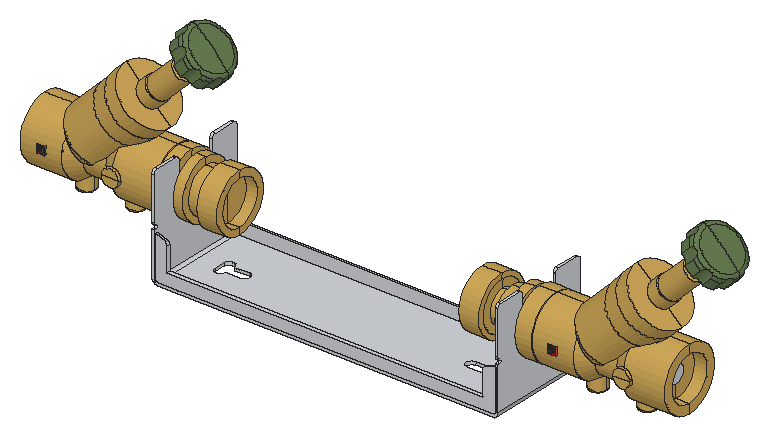
Revit family "Wasserzählergarnitur 4126", category Rohrzubehör, Revit 2021
Family settings
  Bemaßung runder Anschluss = Durchmesser verwenden
  Teiletyp = Unterbricht
  OmniClass-Nummer = 23.65.55.14
  OmniClass-Titel = Valves for Liquid Services
  Arbeitsebenenbasiert = Nein
  Immer vertikal = Ja
  Beim Laden mit Abzugskörper schneiden = Nein
  Gemeinsam genutzt = Nein
Parameters
  Öffnungsdruck des Rückflussverhinderers (Ventil) = "gemäß DIN EN 13959"  # constant formula
  W01 = 20.00°  # constant formula
  Vorgabe-Ansicht = 0.000 mm
  URL = "www.herz-armaturen.at"
  T03 [instance] = R02 - 3.000 mm  # 54.500 mm
  T02 = 17.000 mm  # constant formula
  T01 = 3.000 mm  # constant formula
  Spindel = "geschmiedetes Messing CW 617N"  # constant formula
  SW03 [instance] = size_lookup("4126W_", "SW3", 1.000 mm, Nennweite AG)  # 32.500 mm
  SW02 [instance] = size_lookup("4126W_", "SW2", 1.000 mm, Nennweite AG)  # 32.500 mm
  SW01 [instance] = size_lookup("4126W_", "SW1", 1.000 mm, Nennweite AG)  # 35.000 mm
  SC_NennweiteBerechnet = 0
  SC_Dimension = ""
  SCTWSEQ = "AW;SBT_TYP_AW=\"105\";2"
  SCTWCODE = "02;01;02"  # constant formula
  S05 [instance] = L02 + L12 - L03  # 214.500 mm
  S04 [instance] = L02 + L04 - L03  # 211.500 mm
  S03 = 10.000 mm  # constant formula
  S02 [instance] = Nennweite IG  # 50.000 mm
  S01 [instance] = L01 - L03  # 56.000 mm
  S = 3.000 mm  # constant formula
  R50 = 4.000 mm  # constant formula
  R02 [instance] = size_lookup("4126W_", "R2", 1.000 mm, Nennweite AG)  # 57.500 mm
  R01 [instance] = size_lookup("4126W_", "R1", 1.000 mm, Nennweite AG)  # 24.000 mm
  Nennweite IG [instance] = size_lookup("4126W_", "DN1", 1.000 mm, Nennweite AG)  # 50.000 mm
  Nennweite AG [instance] = 50.000 mm
  Medium = "Trinkwasser"  # constant formula
  Max. Differenzdruck auf geschlossenen Sitz (Ventil) = 1000000.0 Pa  # constant formula
  Max. Betriebstemperatur (Ventil) = 80 °C  # constant formula
  Max. Betriebsdruck (Ventil) = 1600000.0 Pa  # constant formula
  L99 [instance] = size_lookup("4126W_", "L99", 1.000 mm, Nennweite AG)  # 300.000 mm
  L15 = 2.000 mm  # constant formula
  L14 [instance] = size_lookup("4126W_", "L14", 1.000 mm, Nennweite AG)  # 64.000 mm
  L13 [instance] = size_lookup("4126W_", "L13", 1.000 mm, Nennweite AG)  # 54.500 mm
  L12 [instance] = size_lookup("4126W_", "L12", 1.000 mm, Nennweite AG)  # 39.500 mm
  L11 [instance] = size_lookup("4126W_", "L11", 1.000 mm, Nennweite AG)  # 70.000 mm
  L10 [instance] = size_lookup("4126W_", "L10", 1.000 mm, Nennweite AG)  # 15.000 mm
  L09 [instance] = size_lookup("4126W_", "L9", 1.000 mm, Nennweite AG)  # 25.500 mm
  L08 [instance] = size_lookup("4126W_", "L8", 1.000 mm, Nennweite AG)  # 13.400 mm
  L07 [instance] = size_lookup("4126W_", "L7", 1.000 mm, Nennweite AG)  # 22.000 mm
  L06 [instance] = size_lookup("4126W_", "L6", 1.000 mm, Nennweite AG)  # 25.000 mm
  L05 [instance] = size_lookup("4126W_", "L5", 1.000 mm, Nennweite AG)  # 35.500 mm
  L04 [instance] = size_lookup("4126W_", "L4", 1.000 mm, Nennweite AG)  # 36.500 mm
  L03 [instance] = size_lookup("4126W_", "L3", 1.000 mm, Nennweite AG)  # 21.000 mm
  L02 [instance] = (L00 / 2) + 1.000 mm  # 196.000 mm
  L01 [instance] = size_lookup("4126W_", "L1", 1.000 mm, Nennweite AG)  # 77.000 mm
  L00 [instance] = size_lookup("4126W_", "L", 1.000 mm, Nennweite AG)  # 390.000 mm
  Kegel = "geschmiedetes Messing CW 617N"  # constant formula
  Hinweis = "Gemäß Art 33 der REACH-Verordnung (EG Nr. 1907/2006) sind wir verpflichtet, darauf hinzuweisen, dass der Stoff Blei auf der SVHC-Liste geführt wird und dass alle aus Messing bestehenden Bauteile, die in unseren Erzeugnissen verarbeitet sind, mehr als 0,1 % (w/w) Blei (CAS: 7439-92-1 / EINECS: 231-100-4) enthalten.\r\nDa Blei als Legierungsbestandteil fest gebunden ist, sind keine Expositionen zu erwarten und daher sind keine zusätzlichen Angaben zur sicheren Verwendung notwendig."
  Hersteller = "HERZ Armaturen Ges.m.b.H."  # constant formula
  Handrad = "Kunststoff, grün"  # constant formula
  H01 [instance] = 75.000 mm  # constant formula
  H00 [instance] = 115.000 mm  # constant formula
  Gelegentliche Temperaturanstiege (Ventil) = "bis 95°C, nicht länger als eine Stunde"  # constant formula
  Gehäuse = "entzinkungsbeständiges Gussmessing CC770S"  # constant formula
  G2 [instance] = Nennweite IG / 2  # 25.000 mm
  G1 [instance] = Nennweite AG / 2  # 25.000 mm
  DN50 [instance] = Nennweite AG = 50.000 mm  # yes
  DN40 [instance] = Nennweite AG = 40.000 mm  # no
  DN32 [instance] = Nennweite AG = 32.000 mm  # no
  DN25 [instance] = Nennweite AG = 25.000 mm  # no
  DN20 [instance] = Nennweite AG = 20.000 mm  # no
  D06 [instance] = size_lookup("4126W_", "D6", 1.000 mm, Nennweite AG)  # 21.500 mm
  D05 [instance] = size_lookup("4126W_", "D5", 1.000 mm, Nennweite AG)  # 27.000 mm
  D04 [instance] = size_lookup("4126W_", "D4", 1.000 mm, Nennweite AG)  # 18.200 mm
  D03 [instance] = size_lookup("4126W_", "D3", 1.000 mm, Nennweite AG)  # 25.000 mm
  D02 [instance] = size_lookup("4126W_", "D2", 1.000 mm, Nennweite AG)  # 25.000 mm
  D01 [instance] = size_lookup("4126W_", "D1", 1.000 mm, Nennweite AG)  # 22.500 mm
  Bügel = "offenen verzinkten Stahlblech"  # constant formula
  Bestellnummer [instance] = size_lookup("4126W_", "Artnr", 0, Nennweite AG)  # 2412666
  Anwendungsgebiet = "Zum Absperren von Trinkwasserleitungen und zum Einsetzen einer Wasserzählergarnitur."
  ABvor [instance] = size_lookup("4126W_", "ABvor", 1.000 mm, Nennweite AG)  # 346.500 mm
  ABnach [instance] = size_lookup("4126W_", "ABnach", 1.000 mm, Nennweite AG)  # 349.500 mm
Reference planes
  plane 1 "Mitte (Vorne/hinten)": y = 0
  plane 2: z = 0
  plane 3 "Mitte (Links/rechts)": x = 0
Forms (mm)
  Extrusion 1, solid, detail levels fine
    sketch origin (0, 0, 0) x (1, 0, 0) y (0, 0, 1)
      loop
        line (195, 40) -> (192, 40) -> (192, -69)
        arc (192, -69) -> (191.121, -71.121) -> (189, -72) r 3
        line (189, -72) -> (-189, -72)
        arc (-189, -72) -> (-191.121, -71.121) -> (-192, -69) r 3
        line (-192, -69) -> (-192, 40) -> (-195, 40) -> (-195, -69)
        arc (-195, -69) -> (-193.243, -73.243) -> (-189, -75) r 6
        line (-189, -75) -> (189, -75)
        arc (189, -75) -> (193.243, -73.243) -> (195, -69) r 6
        line (195, -69) -> (195, 40)
    from -57.5 to 57.5
  Extrusion 2, solid, detail levels fine
    sketch origin (0, 0, 0) x (1, 0, 0) y (0, 0, 1)
      loop
        line (-192, -23.301) -> (-192, -69)
        arc (-192, -69) -> (-191.121, -71.121) -> (-189, -72) r 3
        line (-189, -72) -> (189, -72)
        arc (189, -72) -> (191.121, -71.121) -> (192, -69) r 3
        line (192, -69) -> (192, -23.301) -> (180.632, -27.439)
        arc (180.632, -27.439) -> (178.723, -28.904) -> (178, -31.198) r 4
        line (178, -31.198) -> (178, -58) -> (-178, -58) -> (-178, -31.198)
        arc (-178, -31.198) -> (-178.723, -28.904) -> (-180.632, -27.439) r 4
        line (-180.632, -27.439) -> (-192, -23.301)
    from -57.5 to -54.5
  Extrusion 3, void
    sketch origin (0, 0, 0) x (0, 1, 0) y (0, 0, 1)
      loop
        arc (-24, 0) -> (0, -24) -> (24, 0) r 24
        line (24, 0) -> (24, 36)
        arc (24, 36) -> (25.172, 38.828) -> (28, 40) r 4
        line (28, 40) -> (53.5, 40)
        arc (53.5, 40) -> (56.328, 38.828) -> (57.5, 36) r 4
        line (57.5, 36) -> (57.5, -13)
        arc (57.5, -13) -> (56.621, -15.121) -> (54.5, -16) r 3
        arc (54.5, -16) -> (52.5, -18) -> (54.5, -20) r 2
        line (54.5, -20) -> (65.5, -20) -> (65.5, 45) -> (-65.5, 45) -> (-65.5, -20) -> (-54.5, -20)
        arc (-54.5, -20) -> (-52.5, -18) -> (-54.5, -16) r 2
        arc (-54.5, -16) -> (-56.621, -15.121) -> (-57.5, -13) r 3
        line (-57.5, -13) -> (-57.5, 36)
        arc (-57.5, 36) -> (-56.328, 38.828) -> (-53.5, 40) r 4
        line (-53.5, 40) -> (-28, 40)
        arc (-28, 40) -> (-25.172, 38.828) -> (-24, 36) r 4
        line (-24, 36) -> (-24, 0)
    from 300 to -300
  Extrusion 4, void
    sketch origin (0, 0, 0) x (1, 0, 0) y (0, 1, 0)
      loop
        arc (119.097, 6.1) -> (112.997, 0) -> (119.097, -6.1) r 6.1
        line (119.097, -6.1) -> (158.897, -6.1)
        arc (158.897, -6.1) -> (164.997, 0) -> (158.897, 6.1) r 6.1
        line (158.897, 6.1) -> (119.097, 6.1)
      loop
        line (-165, 6.1) -> (-165, -6.1)
        arc (-165, -6.1) -> (-158.9, -12.2) -> (-152.8, -6.1) r 6.1
        line (-152.8, -6.1) -> (-136.1, -6.1)
        arc (-136.1, -6.1) -> (-130, 0) -> (-136.1, 6.1) r 6.1
        line (-136.1, 6.1) -> (-152.8, 6.1)
        arc (-152.8, 6.1) -> (-158.9, 12.2) -> (-165, 6.1) r 6.1
    from -75 to -72
  Revolve 5, solid, material "Messing, weicher Gelbton, geschweißt", detail levels fine
    sketch origin (0, 0, 0) x (1, 0, 0) y (0, 0, 1)
      loop
        line (-232.5, 0) -> (-155.5, 0) -> (-155.5, 25) -> (-180.5, 25) -> (-180.5, 32.5) -> (-191, 32.5) -> (-191, 22.5) -> (-196, 22.5) -> (-196, 35) -> (-211.5, 35) -> (-211.5, 25) -> (-232.5, 25) -> (-232.5, 0)
      axis (-232.5, 0) -> (-155.5, 0)
    angle from 0 to 360
  Revolve 6, solid, material "Messing, weicher Gelbton, geschweißt", detail levels fine
    sketch origin (0, 0, 0) x (1, 0, 0) y (0, 0, 1)
      loop
        line (-164.1, 0) -> (-155.5, 0) -> (-155.5, 25) -> (-142.1, 25) -> (-142.1, 32.5) -> (-164.1, 32.5) -> (-164.1, 0)
      axis (-164.1, 0) -> (-142.1, 0)
    angle from 0 to 360
  Revolve 7, solid, material "Messing, weicher Gelbton, geschweißt", detail levels fine
    sketch origin (0, 0, 0) x (-1, 0, 0) y (0, 0, 1)
      loop
        line (-235.5, 0) -> (-198, 0) -> (-198, 18.2) -> (-165.5, 18.2) -> (-165.5, 25) -> (-180.5, 25) -> (-180.5, 32.5) -> (-191, 32.5) -> (-191, 22.5) -> (-196, 22.5) -> (-196, 35) -> (-214.5, 35) -> (-214.5, 25) -> (-235.5, 25) -> (-235.5, 0)
      axis (-235.5, 0) -> (-165.5, 0)
    angle from 0 to 360
  Revolve 8, solid, material "Messing, weicher Gelbton, geschweißt", detail levels fine
    sketch origin (0, 0, 0) x (1, 0, 0) y (0, 0, 1)
      loop
        line (208.5, 0) -> (208.5, 18.2) -> (154, 18.2) -> (154, 27) -> (146.5, 27) -> (146.5, 21.5) -> (144.5, 21.5) -> (144.5, 0) -> (208.5, 0)
      axis (144.5, 0) -> (208.5, 0)
    angle from 0 to 360
  Revolve 9, solid, material "Messing, weicher Gelbton, geschweißt", detail levels fine
    sketch origin (-18.22, 0, 0) x (-1, 0, 0) y (0, 0, 1)
      loop
        line (-171.32, 0) -> (-162.72, 0) -> (-162.72, 25) -> (-149.32, 25) -> (-149.32, 32.5) -> (-171.32, 32.5) -> (-171.32, 0)
      axis (-171.32, 0) -> (-149.32, 0)
    angle from 0 to 360
  Extrusion 10, solid, detail levels fine
    sketch origin (0, 0, 0) x (1, 0, 0) y (0, 0, 1)
      loop
        line (-192, -23.301) -> (-192, -69)
        arc (-192, -69) -> (-191.121, -71.121) -> (-189, -72) r 3
        line (-189, -72) -> (189, -72)
        arc (189, -72) -> (191.121, -71.121) -> (192, -69) r 3
        line (192, -69) -> (192, -23.301) -> (180.632, -27.439)
        arc (180.632, -27.439) -> (178.723, -28.904) -> (178, -31.198) r 4
        line (178, -31.198) -> (178, -58) -> (-178, -58) -> (-178, -31.198)
        arc (-178, -31.198) -> (-178.723, -28.904) -> (-180.632, -27.439) r 4
        line (-180.632, -27.439) -> (-192, -23.301)
    from 54.5 to 57.5
  Extrusion 11, solid, detail levels fine
    sketch origin (55, 0, 0) x (0, 1, 0) y (0, 0, -1)
      loop
        circle (0, 0) r 10
    from 398.5 to 401.5
  Extrusion 12, solid, detail levels fine
    sketch origin (125, 0, 0) x (0, 1, 0) y (0, 0, -1)
      loop
        circle (0, 0) r 10
    from -224.5 to -221.5
Cuts and joins
  Extrusion 3, Extrusion 4 cuts Extrusion 1
Lines and regions (mm)
  model lines, detail levels coarse+medium
    curve 1: line (-211.5, 0, 0) -> (-155.5, 0, 0)
    curve 2: line (-155.5, 0, 25) -> (-155.5, 0, -25)
    curve 3: line (-155.5, 0, 25) -> (-165.5, 0, 25)
    curve 4: line (-165.5, 0, 25) -> (-155.5, 0, 0)
    curve 5: line (-155.5, 0, -25) -> (-165.5, 0, -25)
    curve 6: line (-165.5, 0, -25) -> (-155.5, 0, 0)
    curve 7: line (144.5, 0, 25) -> (144.5, 0, -25)
    curve 8: line (144.5, 0, 25) -> (154.5, 0, 25)
    curve 9: line (154.5, 0, 25) -> (144.5, 0, 0)
    curve 10: line (144.5, 0, -25) -> (154.5, 0, -25)
    curve 11: line (154.5, 0, -25) -> (144.5, 0, 0)
    curve 12: line (214.5, 0, 0) -> (144.5, 0, 0)
    curve 13: line (144.5, -25, 0) -> (144.5, 25, 0)
    curve 14: line (144.5, 25, 0) -> (154.5, 25, 0)
    curve 15: line (154.5, 25, 0) -> (144.5, 0, 0)
    curve 16: line (144.5, -25, 0) -> (154.5, -25, 0)
    curve 17: line (154.5, -25, 0) -> (144.5, 0, 0)
    curve 18: line (-155.5, -25, 0) -> (-155.5, 25, 0)
    curve 19: line (-155.5, 25, 0) -> (-165.5, 25, 0)
    curve 20: line (-165.5, 25, 0) -> (-155.5, 0, 0)
    curve 21: line (-155.5, -25, 0) -> (-165.5, -25, 0)
    curve 22: line (-165.5, -25, 0) -> (-155.5, 0, 0)
Dimensions and locks
  "H00": Extrusion 1 sketch curve to Extrusion 1 sketch curve  (x2)
  "T01": Extrusion 1 sketch curve to Extrusion 1 sketch curve  (x3)
  "L00": Extrusion 1 sketch curve to Extrusion 1 sketch curve
  equal spacing: Extrusion 1 sketch curve, plane 3 "Mitte (Links/rechts)", Extrusion 1 sketch curve
  "H01": plane 2 to Extrusion 1 sketch curve
  "T02": Extrusion 2 sketch curve to Extrusion 1
  "T02": Extrusion 1 to Extrusion 2 sketch curve  (x2)
  Extrusion 4 sketch curve to cut or joined group of Extrusion 1, Extrusion 3, Extrusion 4 = 36.103 mm
  Extrusion 4 sketch curve to Extrusion 4 sketch curve = 39.800 mm
  equal spacing: Extrusion 4 sketch curve, plane 1 "Mitte (Vorne/hinten)", Extrusion 4 sketch curve
  Extrusion 4 sketch curve to Extrusion 4 sketch curve = 12.200 mm
  cut or joined group of Extrusion 1, Extrusion 3, Extrusion 4 to Extrusion 4 sketch curve = 36.100 mm
  cut or joined group of Extrusion 1, Extrusion 3, Extrusion 4 to Extrusion 4 sketch curve = 58.900 mm
  "G1": Revolve 5 sketch curve to Revolve 5 sketch curve
  "L03": Revolve 5 sketch curve to Revolve 5 sketch curve
  "L01": Revolve 5 sketch curve to Revolve 5 sketch curve
  "L02": plane 3 "Mitte (Links/rechts)" to Revolve 5 sketch curve
  "SW01": Revolve 5 sketch curve to Revolve 5 sketch curve
  "SW02": Revolve 5 sketch curve to Revolve 5 sketch curve
  "D01": Revolve 5 sketch curve to Revolve 5 sketch curve
  "L04": Revolve 5 sketch curve to Revolve 5 sketch curve
  "L05": Revolve 5 sketch curve to Revolve 5 sketch curve
  "L06": Revolve 5 sketch curve to Revolve 5 sketch curve
  "D02": Revolve 5 sketch curve to Revolve 5 sketch curve
  "L07": Revolve 6 sketch curve to Revolve 6 sketch curve
  "SW03": Revolve 6 sketch curve to plane 2
  "G2": Revolve 6 sketch curve to plane 2
  "L08": Revolve 6 sketch curve to Revolve 5
  "L08": Revolve 6 sketch curve to Revolve 6 sketch curve
  "G1": Revolve 7 sketch curve to Revolve 7 sketch curve
  "L03": Revolve 7 sketch curve to Revolve 7 sketch curve
  "L11": Revolve 7 sketch curve to Revolve 7 sketch curve
  "SW01": Revolve 7 sketch curve to Revolve 7 sketch curve
  "SW02": Revolve 7 sketch curve to Revolve 7 sketch curve
  "D01": Revolve 7 sketch curve to Revolve 7 sketch curve
  "L12": Revolve 7 sketch curve to Revolve 7 sketch curve
  "L09": Revolve 7 sketch curve to Revolve 7 sketch curve
  "L10": Revolve 7 sketch curve to Revolve 7 sketch curve
  "D03": Revolve 7 sketch curve to Revolve 7 sketch curve
  "L02": plane 3 "Mitte (Links/rechts)" to Revolve 7 sketch curve
  "D04": Revolve 7 sketch curve to plane 2
  "D04": Revolve 8 sketch curve to Revolve 8 sketch curve
  "L13": Revolve 8 sketch curve to Revolve 8 sketch curve
  "L14": Revolve 8 sketch curve to Revolve 8 sketch curve
  "L15": Revolve 8 sketch curve to Revolve 8 sketch curve
  "D05": Revolve 8 sketch curve to Revolve 8 sketch curve
  "D06": Revolve 8 sketch curve to Revolve 8 sketch curve
  "L99": Revolve 5 to Revolve 8
  "L07": Revolve 9 sketch curve to Revolve 9 sketch curve
  "L08": Revolve 9 sketch curve to Revolve 9 sketch curve
  "L08": Revolve 8 to Revolve 9 sketch curve
  "T03": plane 1 "Mitte (Vorne/hinten)" to Extrusion 2
  "R02": cut or joined group of Extrusion 1, Extrusion 3, Extrusion 4 to plane 1 "Mitte (Vorne/hinten)" to cut or joined group of Extrusion 1, Extrusion 3, Extrusion 4
  "R02": plane 1 "Mitte (Vorne/hinten)" to Extrusion 2
  "R02": Extrusion 3 sketch curve to plane 1 "Mitte (Vorne/hinten)" to Extrusion 3 sketch curve
  "R01": Extrusion 3 sketch curve to plane 1 "Mitte (Vorne/hinten)" to Extrusion 3 sketch curve
  "T02": cut or joined group of Extrusion 1, Extrusion 3, Extrusion 4 to Extrusion 10 sketch curve  (x2)
  "T02": Extrusion 10 sketch curve to cut or joined group of Extrusion 1, Extrusion 3, Extrusion 4
  "T03": Extrusion 10 to plane 1 "Mitte (Vorne/hinten)"
  "R02": Extrusion 10 to plane 1 "Mitte (Vorne/hinten)"
  "G2": Revolve 9 sketch curve to plane 2
  "SW03": Revolve 9 sketch curve to level
  "S01": curve 1 to curve 1
  equal spacing: curve 2, plane 2, curve 2
  "S02": curve 2 to curve 2
  "S03": curve 4 to curve 2
  "S04": plane 3 "Mitte (Links/rechts)" to curve 1
  "S03": curve 6 to curve 2
  equal spacing: curve 7, plane 2, curve 7
  "S02": curve 7 to curve 7
  "S03": curve 9 to curve 7
  "S03": curve 11 to curve 7
  "S05": curve 12 to plane 3 "Mitte (Links/rechts)"
  "L99": curve 12 to curve 6
  equal spacing: curve 13, plane 1 "Mitte (Vorne/hinten)", curve 13
  "S02": curve 13 to curve 13
  "S03": curve 13 to curve 15
  "S03": curve 13 to curve 17
  equal spacing: curve 18, plane 1 "Mitte (Vorne/hinten)", curve 18
  "S02": curve 18 to curve 18
  "S03": curve 18 to curve 20
  "S03": curve 18 to curve 22
  "L99": curve 18 to Revolve 9
  "L99": Revolve 6 to curve 13
  "ABnach": Extrusion 12 to plane 3 "Mitte (Links/rechts)"
  "ABvor": plane 3 "Mitte (Links/rechts)" to Extrusion 11
  "S": Extrusion 11 to Extrusion 11
  "S": Extrusion 12 to Extrusion 12
  radius of Extrusion 4 sketch curve = 6.100 mm  (x3)
  "R50": radius of Extrusion 3 sketch curve  (x4)
  "W01": angle Extrusion 2 sketch curve to plane 2
  "W01": angle plane 2 to Extrusion 2 sketch curve
  "W01": angle Extrusion 10 sketch curve to plane 2
  "W01": angle plane 2 to Extrusion 10 sketch curve
  aligned and locked: level to plane 2
Automatic sketch dimensions
  plane 1 "Mitte (Vorne/hinten)" to Extrusion 4 sketch curve = 0.000 mm
  Extrusion 4 sketch curve to Extrusion 4 sketch curve = 0.000 mm  (x2)
  Extrusion 4 sketch curve to Extrusion 4 sketch curve = 6.100 mm
  Revolve 5 sketch curve to level = 0.000 mm  (x2)
  Revolve 5 sketch curve to Revolve 5 sketch curve = 1448.205 mm
  plane 3 "Mitte (Links/rechts)" to Revolve 5 sketch curve = 1739.472 mm
  Revolve 6 sketch curve to level = 0.000 mm  (x2)
  Revolve 6 sketch curve to Revolve 6 sketch curve = 1428.686 mm
  plane 3 "Mitte (Links/rechts)" to Revolve 6 sketch curve = 1839.148 mm
  Revolve 7 sketch curve to level = 0.000 mm  (x2)
  Revolve 7 sketch curve to Revolve 7 sketch curve = 2.000 mm
  Revolve 7 sketch curve to Revolve 7 sketch curve = 1448.205 mm
  plane 3 "Mitte (Links/rechts)" to Revolve 7 sketch curve = 1739.472 mm
  Revolve 9 sketch curve to level = 0.000 mm  (x2)
  Revolve 9 sketch curve to Revolve 9 sketch curve = 1428.686 mm
  plane 3 "Mitte (Links/rechts)" to Revolve 9 sketch curve = 1857.367 mm
  Extrusion 11 sketch curve to level = 0.000 mm
  Extrusion 11 sketch curve to plane 1 "Mitte (Vorne/hinten)" = 0.000 mm
  Extrusion 12 sketch curve to level = 0.000 mm
  Extrusion 12 sketch curve to plane 1 "Mitte (Vorne/hinten)" = 0.000 mm
  curve 12 to level = 0.000 mm
  curve 1 to level = 0.000 mm
  plane 1 "Mitte (Vorne/hinten)" to curve 15 = 0.000 mm
  plane 1 "Mitte (Vorne/hinten)" to curve 17 = 0.000 mm
  plane 1 "Mitte (Vorne/hinten)" to curve 20 = 0.000 mm
  plane 1 "Mitte (Vorne/hinten)" to curve 22 = 0.000 mm
  Extrusion 1 sketch curve to Extrusion 1 sketch curve = 0.000 mm  (x2)
  Extrusion 1 sketch curve to Extrusion 1 sketch curve = 3.000 mm  (x2)
  Extrusion 2 sketch curve to level = 27.439 mm  (x2)
  Extrusion 2 sketch curve to Extrusion 2 sketch curve = 2.632 mm  (x2)
  Extrusion 2 sketch curve to Extrusion 2 sketch curve = 4.000 mm  (x2)
  Extrusion 2 sketch curve to Extrusion 2 sketch curve = 11.000 mm  (x3)
  Extrusion 2 sketch curve to Extrusion 2 sketch curve = 11.368 mm
  Extrusion 2 sketch curve to level = 23.301 mm
  Extrusion 3 sketch curve to level = 0.000 mm
  Extrusion 3 sketch curve to Extrusion 3 sketch curve = 8.000 mm  (x2)
  Extrusion 3 sketch curve to Extrusion 3 sketch curve = 3.000 mm  (x2)
  Extrusion 3 sketch curve to level = 13.000 mm  (x2)
  Extrusion 3 sketch curve to Extrusion 3 sketch curve = 2.000 mm  (x3)
  Extrusion 3 sketch curve to Extrusion 3 sketch curve = 7.000 mm
  level to Extrusion 3 sketch curve = 36.000 mm  (x2)
  Extrusion 3 sketch curve to Extrusion 3 sketch curve = 9.000 mm
  Revolve 8 sketch curve to level = 0.000 mm  (x2)
  plane 3 "Mitte (Links/rechts)" to Revolve 8 sketch curve = 144.500 mm
  Revolve 8 sketch curve to plane 3 "Mitte (Links/rechts)" = 1506.530 mm
  Revolve 8 sketch curve to Revolve 8 sketch curve = 1759.148 mm
  Extrusion 10 sketch curve to level = 27.439 mm  (x2)
  Extrusion 10 sketch curve to Extrusion 10 sketch curve = 2.632 mm  (x2)
  Extrusion 10 sketch curve to Extrusion 10 sketch curve = 1.368 mm
  Extrusion 10 sketch curve to Extrusion 10 sketch curve = 11.000 mm  (x3)
  Extrusion 10 sketch curve to level = 23.301 mm
  Extrusion 10 sketch curve to Extrusion 10 sketch curve = 4.000 mm
  Extrusion 10 sketch curve to Extrusion 10 sketch curve = 11.368 mm
  radius of Extrusion 11 sketch curve = 10.000 mm
  radius of Extrusion 12 sketch curve = 10.000 mm
Nested families
  nested 1: "Rückflussverhinderer 4126" at (-182.5, 0, 0), visible <- "DN20", type "Rückflussverhinderer 4126"
    with S02 95.900 mm, S01 32.000 mm, R12 15.000 mm, R11 5.400 mm, R10 8.500 mm, R09 11.750 mm, R08 13.000 mm, R07 16.500 mm, R06 14.600 mm, R05 10.000 mm, R04 9.500 mm, R02 10.000 mm, R01 16.000 mm, Nennweite 20.000 mm, L16 12.000 mm, L15 12.400 mm, L14 8.000 mm, L12 33.500 mm, L11 12.500 mm, L10 11.000 mm, L09 15.500 mm, L08 30.100 mm, L07 13.500 mm, L06 34.500 mm, L05 26.500 mm, L04 25.500 mm, L02 8.000 mm, L01 24.000 mm, L00 75.000 mm, H01 26.400 mm, DN50 no, DN40 no, DN32 no, DN25-DN50 no, DN25 no, DN20 yes, DN15 no, Bestellnummer 2412602
  nested 2: "Rückflussverhinderer 4126" at (183.5, 0, 0), visible <- "DN20", type "Rückflussverhinderer 4126"
    with S02 95.900 mm, S01 32.000 mm, R12 15.000 mm, R11 5.400 mm, R10 8.500 mm, R09 11.750 mm, R08 13.000 mm, R07 16.500 mm, R06 14.600 mm, R05 10.000 mm, R04 9.500 mm, R02 10.000 mm, R01 16.000 mm, Nennweite 20.000 mm, L16 12.000 mm, L15 12.400 mm, L14 8.000 mm, L12 33.500 mm, L11 12.500 mm, L10 11.000 mm, L09 15.500 mm, L08 30.100 mm, L07 13.500 mm, L06 34.500 mm, L05 26.500 mm, L04 25.500 mm, L02 8.000 mm, L01 24.000 mm, L00 75.000 mm, H01 26.400 mm, DN50 no, DN40 no, DN32 no, DN25-DN50 no, DN25 no, DN20 yes, DN15 no, Bestellnummer 2412602
  nested 3: "Rückflussverhinderer 4126" at (-190, 0, 0), visible <- "DN25", type "Rückflussverhinderer 4126"
    with S02 113.800 mm, S01 41.000 mm, R12 19.500 mm, R11 6.000 mm, R10 9.000 mm, R09 12.750 mm, R08 14.000 mm, R07 20.000 mm, R06 17.750 mm, R05 12.500 mm, R04 9.500 mm, R02 12.500 mm, R01 20.500 mm, Nennweite 25.000 mm, L16 13.500 mm, L15 12.400 mm, L14 12.000 mm, L12 43.400 mm, L11 22.400 mm, L10 11.000 mm, L09 19.500 mm, L08 34.000 mm, L07 18.000 mm, L06 38.500 mm, L05 25.500 mm, L04 25.500 mm, L02 11.000 mm, L01 27.000 mm, L00 90.000 mm, H01 32.000 mm, DN50 no, DN40 no, DN32 no, DN25-DN50 yes, DN25 yes, DN20 no, DN15 no, Bestellnummer 2412603
  nested 4: "Rückflussverhinderer 4126" at (191, 0, 0), visible <- "DN25", type "Rückflussverhinderer 4126"
    with S02 113.800 mm, S01 41.000 mm, R12 19.500 mm, R11 6.000 mm, R10 9.000 mm, R09 12.750 mm, R08 14.000 mm, R07 20.000 mm, R06 17.750 mm, R05 12.500 mm, R04 9.500 mm, R02 12.500 mm, R01 20.500 mm, Nennweite 25.000 mm, L16 13.500 mm, L15 12.400 mm, L14 12.000 mm, L12 43.400 mm, L11 22.400 mm, L10 11.000 mm, L09 19.500 mm, L08 34.000 mm, L07 18.000 mm, L06 38.500 mm, L05 25.500 mm, L04 25.500 mm, L02 11.000 mm, L01 27.000 mm, L00 90.000 mm, H01 32.000 mm, DN50 no, DN40 no, DN32 no, DN25-DN50 yes, DN25 yes, DN20 no, DN15 no, Bestellnummer 2412603
  nested 5: "Rückflussverhinderer 4126" at (-200, 0, 0), visible <- "DN32", type "Rückflussverhinderer 4126"
    with S02 129.700 mm, S01 50.000 mm, R12 24.000 mm, R11 6.000 mm, R10 9.000 mm, R09 12.750 mm, R08 14.000 mm, R07 25.000 mm, R06 24.000 mm, R05 16.000 mm, R04 9.500 mm, R02 16.000 mm, R01 25.000 mm, Nennweite 32.000 mm, L16 16.500 mm, L15 12.400 mm, L14 12.000 mm, L12 47.300 mm, L11 26.300 mm, L10 11.000 mm, L09 10.000 mm, L08 52.700 mm, L07 20.000 mm, L06 60.000 mm, L05 28.600 mm, L04 27.500 mm, L02 7.500 mm, L01 33.000 mm, L00 110.000 mm, H01 39.000 mm, DN50 no, DN40 no, DN32 yes, DN25-DN50 yes, DN25 no, DN20 no, DN15 no, Bestellnummer 2412604
  nested 6: "Rückflussverhinderer 4126" at (201, 0, 0), visible <- "DN32", type "Rückflussverhinderer 4126"
    with S02 129.700 mm, S01 50.000 mm, R12 24.000 mm, R11 6.000 mm, R10 9.000 mm, R09 12.750 mm, R08 14.000 mm, R07 25.000 mm, R06 24.000 mm, R05 16.000 mm, R04 9.500 mm, R02 16.000 mm, R01 25.000 mm, Nennweite 32.000 mm, L16 16.500 mm, L15 12.400 mm, L14 12.000 mm, L12 47.300 mm, L11 26.300 mm, L10 11.000 mm, L09 10.000 mm, L08 52.700 mm, L07 20.000 mm, L06 60.000 mm, L05 28.600 mm, L04 27.500 mm, L02 7.500 mm, L01 33.000 mm, L00 110.000 mm, H01 39.000 mm, DN50 no, DN40 no, DN32 yes, DN25-DN50 yes, DN25 no, DN20 no, DN15 no, Bestellnummer 2412604
  nested 7: "Rückflussverhinderer 4126" at (-274.5, 0, 0), visible <- "DN40", type "Rückflussverhinderer 4126"
    with S02 143.400 mm, S01 55.000 mm, R12 26.500 mm, R11 6.000 mm, R10 9.000 mm, R09 12.750 mm, R08 14.000 mm, R07 28.500 mm, R06 27.000 mm, R05 20.000 mm, R04 9.500 mm, R02 20.000 mm, R01 27.500 mm, Nennweite 40.000 mm, L16 19.000 mm, L15 12.400 mm, L14 14.000 mm, L12 50.000 mm, L11 28.000 mm, L10 12.000 mm, L09 15.000 mm, L08 51.500 mm, L07 21.000 mm, L06 66.000 mm, L05 32.000 mm, L04 31.000 mm, L02 9.000 mm, L01 38.000 mm, L00 120.000 mm, H01 40.000 mm, DN50 no, DN40 yes, DN32 no, DN25-DN50 yes, DN25 no, DN20 no, DN15 no, Bestellnummer 2412605
  nested 8: "Rückflussverhinderer 4126" at (274.5, 0, 0), visible <- "DN40", type "Rückflussverhinderer 4126"
    with S02 143.400 mm, S01 55.000 mm, R12 26.500 mm, R11 6.000 mm, R10 9.000 mm, R09 12.750 mm, R08 14.000 mm, R07 28.500 mm, R06 27.000 mm, R05 20.000 mm, R04 9.500 mm, R02 20.000 mm, R01 27.500 mm, Nennweite 40.000 mm, L16 19.000 mm, L15 12.400 mm, L14 14.000 mm, L12 50.000 mm, L11 28.000 mm, L10 12.000 mm, L09 15.000 mm, L08 51.500 mm, L07 21.000 mm, L06 66.000 mm, L05 32.000 mm, L04 31.000 mm, L02 9.000 mm, L01 38.000 mm, L00 120.000 mm, H01 40.000 mm, DN50 no, DN40 yes, DN32 no, DN25-DN50 yes, DN25 no, DN20 no, DN15 no, Bestellnummer 2412605
  nested 9: "Rückflussverhinderer 4126" at (-286.5, 0, 0), visible <- "DN50", type "Rückflussverhinderer 4126"
    with S02 182.900 mm, S01 70.000 mm, R12 34.000 mm, R11 6.000 mm, R10 9.000 mm, R09 13.000 mm, R08 14.000 mm, R07 35.000 mm, R06 33.500 mm, R05 25.000 mm, R04 9.500 mm, R02 25.000 mm, R01 35.000 mm, Nennweite 50.000 mm, L16 23.500 mm, L15 12.400 mm, L14 19.000 mm, L12 66.500 mm, L11 41.000 mm, L10 15.500 mm, L09 17.500 mm, L08 66.000 mm, L07 31.500 mm, L06 86.500 mm, L05 36.500 mm, L04 37.500 mm, L02 13.000 mm, L01 47.000 mm, L00 150.000 mm, H01 45.000 mm, DN50 yes, DN40 no, DN32 no, DN25-DN50 yes, DN25 no, DN20 no, DN15 no, Bestellnummer 2412606
  nested 10: "Rückflussverhinderer 4126" at (289.5, 0, 0), visible <- "DN50", type "Rückflussverhinderer 4126"
    with S02 182.900 mm, S01 70.000 mm, R12 34.000 mm, R11 6.000 mm, R10 9.000 mm, R09 13.000 mm, R08 14.000 mm, R07 35.000 mm, R06 33.500 mm, R05 25.000 mm, R04 9.500 mm, R02 25.000 mm, R01 35.000 mm, Nennweite 50.000 mm, L16 23.500 mm, L15 12.400 mm, L14 19.000 mm, L12 66.500 mm, L11 41.000 mm, L10 15.500 mm, L09 17.500 mm, L08 66.000 mm, L07 31.500 mm, L06 86.500 mm, L05 36.500 mm, L04 37.500 mm, L02 13.000 mm, L01 47.000 mm, L00 150.000 mm, H01 45.000 mm, DN50 yes, DN40 no, DN32 no, DN25-DN50 yes, DN25 no, DN20 no, DN15 no, Bestellnummer 2412606
Connectors
  piping at (-346.5, 0, 0), diameter 50, driven by "Nennweite AG"
    settings: on Extrusion 11, index 1, connector inside diameter 609.6 mm, connector length 0.000 mm, flow factor 0, pipe flow 0.0 L/s, pressure drop 0.0 Pa, fitting loss kfactor 0, connector angle 0.00°, fixture units 0, engagement length 0.000 mm, angle of deflection 0.00°, flow configuration 0, flow direction 1, fitting loss method 0, system type 20, joint type 0, gender type 0, connector reference index -1, connector utility 0, adjustable connector no, is connector primary yes, connector description ""
  piping at (349.5, 0, 0), diameter 50, driven by "Nennweite AG"
    settings: on Extrusion 12, index 2, connector inside diameter 609.6 mm, connector length 0.000 mm, flow factor 0, pipe flow 0.0 L/s, pressure drop 0.0 Pa, fitting loss kfactor 0, connector angle 0.00°, fixture units 0, engagement length 0.000 mm, angle of deflection 0.00°, flow configuration 0, flow direction 2, fitting loss method 0, system type 20, joint type 0, gender type 0, connector reference index -1, connector utility 0, adjustable connector no, is connector primary no, connector description ""
Definition of nested family "Rückflussverhinderer 4126"
  Parameters (values of type "Rückflussverhinderer 4126")
    W01 = 45.00°  # constant formula
    Default Elevation = 0.000 mm
    URL = "www.herz-armaturen.at"
    Spindel = "geschmiedetes Messing CW617N"  # constant formula
    SW01 = 60.00°  # constant formula
    SC_NennweiteBerechnet = 0
    SC_Dimension = ""
    SCTWSEQ = "FW;SBT_TYP_FW=\"109\";2"
    SCTWCODE = "04;00;02"  # constant formula
    S03 = 60.000 mm  # constant formula
    S02 [instance] = L06 + L09 + L12 + L15  # 95.900 mm
    S01 [instance] = R01 * 2  # 32.000 mm
    R12 [instance] = R01 - 1.000 mm  # 15.000 mm
    R11 [instance] = size_lookup("4126_", "R11", 46.500 mm, Nennweite)  # 5.400 mm
    R100 = 1.000 mm  # constant formula
    R10 [instance] = size_lookup("4126_", "R10", 46.500 mm, Nennweite)  # 8.500 mm
    R09 [instance] = size_lookup("4126_", "R9", 46.500 mm, Nennweite)  # 11.750 mm
    R08 [instance] = size_lookup("4126_", "R8", 46.500 mm, Nennweite)  # 13.000 mm
    R07 [instance] = size_lookup("4126_", "R7", 46.500 mm, Nennweite)  # 16.500 mm
    R06 [instance] = size_lookup("4126_", "R6", 43.000 mm, Nennweite)  # 14.600 mm
    R05 [instance] = Nennweite / 2  # 10.000 mm
    R04 [instance] = size_lookup("4126_", "R4", 11.500 mm, Nennweite)  # 9.500 mm
    R03 = 9.500 mm  # constant formula
    R02 [instance] = Nennweite / 2  # 10.000 mm
    R01 [instance] = size_lookup("4126_", "R1", 11.500 mm, Nennweite)  # 16.000 mm
    Nennweite [instance] = 20.000 mm
    Max.Betriebstemperatur = 80 °C  # constant formula
    Max.Betriebsdruck = 1600000.0 Pa  # constant formula
    L16 [instance] = L01 / 2  # 12.000 mm
    L15 [instance] = size_lookup("4126_", "L15", 12.400 mm, Nennweite)  # 12.400 mm
    L14 [instance] = size_lookup("4126_", "L14", 81.000 mm, Nennweite)  # 8.000 mm
    L12 [instance] = size_lookup("4126_", "L12", 81.000 mm, Nennweite)  # 33.500 mm
    L11 [instance] = size_lookup("4126_", "L11", 60.000 mm, Nennweite)  # 12.500 mm
    L10 [instance] = size_lookup("4126_", "L10", 20.000 mm, Nennweite)  # 11.000 mm
    L09 [instance] = size_lookup("4126_", "L9", 11.000 mm, Nennweite)  # 15.500 mm
    L08 [instance] = size_lookup("4126_", "L8", 35.000 mm, Nennweite)  # 30.100 mm
    L07 [instance] = size_lookup("4126_", "L7", 35.000 mm, Nennweite)  # 13.500 mm
    L06 [instance] = size_lookup("4126_", "L6", 118.000 mm, Nennweite) - L09  # 34.500 mm
    L05 [instance] = size_lookup("4126_", "L5", 44.000 mm, Nennweite)  # 26.500 mm
    L04 [instance] = size_lookup("4126_", "L4", 45.000 mm, Nennweite)  # 25.500 mm
    L03 = 15.000 mm  # constant formula
    L02 [instance] = size_lookup("4126_", "L2", 22.000 mm, Nennweite)  # 8.000 mm
    L01 [instance] = size_lookup("4126_", "L1", 48.000 mm, Nennweite)  # 24.000 mm
    L00 [instance] = size_lookup("4126_", "L", 180.000 mm, Nennweite)  # 75.000 mm
    Kegel = "geschmiedetes Messing CW617N"  # constant formula
    Manufacturer = "Herz-Armaturen GmbH"  # constant formula
    Handrad = "Kunststoff, grün"  # constant formula
    H01 [instance] = size_lookup("4126_", "H1", 53.000 mm, Nennweite)  # 26.400 mm
    Gehäuse = "entzinkungsbeständiges Gussmessing CC770S"  # constant formula
    DN50 [instance] = Nennweite = 50.000 mm  # no
    DN40 [instance] = Nennweite = 40.000 mm  # no
    DN32 [instance] = Nennweite = 32.000 mm  # no
    DN25-DN50 [instance] = or(Nennweite = 25.000 mm, Nennweite = 32.000 mm, Nennweite = 40.000 mm, Nennweite = 50.000 mm)  # no
    DN25 [instance] = Nennweite = 25.000 mm  # no
    DN20 [instance] = Nennweite = 20.000 mm  # yes
    DN15 [instance] = Nennweite = 15.000 mm  # no
    Bestellnummer [instance] = size_lookup("4126_", "Artnr", 0, Nennweite)  # 2412602
    Anwendungsgebiet = "Zum Absperren von Trinkwasserleitungen und -anlagen in Gebäuden\r\nMax. Betreibstemp.: 80°C (gelegentlicher Temperaturansteig bis 95°C sind zulässig, wenn sie nicht länger als 1h andauern)\r\nMax. Betiebsdruck: 10bar"
  Reference planes
    plane 1 "Mitte (Vorne/hinten)": y = 0
    plane 2: z = 0
    plane 3 "Mitte (Links/rechts)": x = 0
  Forms (mm)
    Revolve 1, solid, detail levels fine
      sketch origin (470, 0, 0) x (1, 0, 0) y (0, 0, 1)
        loop
          line (-507.5, 10) -> (-492.5, 10) -> (-492.5, 0) -> (-447.5, 0) -> (-447.5, 10) -> (-432.5, 10) -> (-432.5, 16) -> (-456.5, 16) -> (-462, 10) -> (-478, 10) -> (-483.5, 16) -> (-507.5, 16) -> (-507.5, 10)
        axis (-507.5, 0) -> (-432.5, 0)
      angle from 0 to 360
    Revolve 2, solid, detail levels fine
      sketch origin (470, 0, 0) x (1, 0, 0) y (0, 0, 1)
        loop
          line (-493, 0) -> (-493, -25.4)
          arc (-493, -25.4) -> (-492.707, -26.107) -> (-492, -26.4) r 1
          line (-492, -26.4) -> (-483.5, -26.4) -> (-483.5, 0) -> (-493, 0)
        axis (-483.5, 0) -> (-483.5, -26.4)
      angle from 0 to 360
    Revolve 3, solid, detail levels fine
      sketch origin (0, 0, 0) x (1, 0, 0) y (0, 1, 0)
        loop
          line (13.5, -25.5) -> (23, -25.5) -> (23, 26.5) -> (13.5, 26.5) -> (13.5, -25.5)
        axis (13.5, -25.5) -> (13.5, 26.5)
      angle from 0 to 360
    Revolve 4, solid, visible <- "DN25-DN50", detail levels fine
      sketch origin (-470, 0, 0) x (-1, 0, 0) y (0, 0, 1)
        loop
          line (-493, 0) -> (-493, -25.4)
          arc (-493, -25.4) -> (-492.707, -26.107) -> (-492, -26.4) r 1
          line (-492, -26.4) -> (-483.5, -26.4) -> (-483.5, 0) -> (-493, 0)
        axis (-483.5, 0) -> (-483.5, -26.4)
      angle from 0 to 360
    Revolve 5, solid, detail levels fine
      sketch origin (0.32, 0, -0.105) x (1, 0, 0) y (0, 0, 1)
        loop
          line (-13.82, 0) -> (53.991, 67.812) -> (50.173, 71.63) -> (41.405, 62.862) -> (39.213, 65.054) -> (32.142, 57.983) -> (29.844, 60.281) -> (21.005, 51.442) -> (20.121, 52.326) -> (12.343, 44.548) -> (9.868, 47.023) -> (-1.092, 36.062) -> (-2.86, 31.608) -> (-18.487, 15.981) -> (-20.891, 7.071) -> (-13.82, 0)
        axis (-13.82, 0) -> (53.991, 67.812)
      angle from 0 to 360
  Lines and regions (mm)
    model lines, detail levels coarse+medium
      curve 1: line (-37.5, 0, 16) -> (-37.5, 0, -16)
      curve 2: line (-37.5, 0, -16) -> (37.5, 0, 16)
      curve 3: line (37.5, 0, 16) -> (37.5, 0, -16)
      curve 4: line (37.5, 0, -16) -> (-37.5, 0, 16)
      curve 5: line (0, 0, 0) -> (47.95, 0, 83.052)
      curve 6: line (21.969, 0, 98.052) -> (73.931, 0, 68.052)
      curve 7: line (-37.5, -16, 0) -> (-37.5, 16, 0)
      curve 8: line (-37.5, 16, 0) -> (37.5, -16, 0)
      curve 9: line (37.5, -16, 0) -> (37.5, 16, 0)
      curve 10: line (37.5, 16, 0) -> (-37.5, -16, 0)
      curve 11: line (0, 0, 0) -> (47.95, 83.052, 0)
      curve 12: line (21.969, 98.052, 0) -> (73.931, 68.052, 0)
  Dimensions and locks
    "H01": plane 2 to Revolve 2 sketch curve
    "L00": Revolve 1 sketch curve to Revolve 1 sketch curve
    equal spacing: Revolve 1 sketch curve, plane 3 "Mitte (Links/rechts)", Revolve 1 sketch curve
    "R01": Revolve 1 sketch curve to Revolve 1 sketch curve  (x2)
    "R02": Revolve 1 sketch curve to Revolve 1 sketch curve  (x3)
    "L01": Revolve 1 sketch curve to Revolve 1 sketch curve  (x2)
    "L02": plane 3 "Mitte (Links/rechts)" to Revolve 1 sketch curve
    "L02": Revolve 1 sketch curve to plane 3 "Mitte (Links/rechts)"
    "L03": Revolve 1 sketch curve to Revolve 1 sketch curve  (x2)
    "L01": Revolve 1 to Revolve 2 sketch curve
    "R03": Revolve 2 sketch curve to Revolve 2 sketch curve
    "L01": Revolve 4 sketch curve to Revolve 1
    "R03": Revolve 4 sketch curve to Revolve 4 sketch curve
    "H01": plane 2 to Revolve 4 sketch curve
    "L04": Revolve 3 sketch curve to plane 1 "Mitte (Vorne/hinten)"
    "L05": plane 1 "Mitte (Vorne/hinten)" to Revolve 3 sketch curve
    "R04": Revolve 3 sketch curve to Revolve 3 sketch curve
    "L01": Revolve 3 sketch curve to Revolve 1
    "R07": Revolve 5 sketch curve to Revolve 5 sketch curve
    "L07": plane 3 "Mitte (Links/rechts)" to Revolve 5 sketch curve
    "R05": Revolve 5 sketch curve to Revolve 5 sketch curve
    "L06": Revolve 5 sketch curve to Revolve 5 sketch curve
    "L08": Revolve 5 sketch curve to Revolve 5 sketch curve
    "R06": Revolve 5 sketch curve to Revolve 5 sketch curve
    "L14": Revolve 5 sketch curve to Revolve 5 sketch curve
    "L09": Revolve 5 sketch curve to Revolve 5 sketch curve
    "R08": Revolve 5 sketch curve to Revolve 5 sketch curve
    "L10": Revolve 5 sketch curve to Revolve 5 sketch curve
    "R09": Revolve 5 sketch curve to Revolve 5 sketch curve
    "R10": Revolve 5 sketch curve to Revolve 5 sketch curve
    "L12": Revolve 5 sketch curve to Revolve 5 sketch curve
    "R11": Revolve 5 sketch curve to Revolve 5 sketch curve
    "L15": Revolve 5 sketch curve to Revolve 5 sketch curve
    "L11": Revolve 5 sketch curve to Revolve 5 sketch curve
    "R12": nested 7 to plane 1 "Mitte (Vorne/hinten)"
    "L16": Revolve 1 to nested 7
    "L00": curve 1 to curve 3
    "S01": curve 4 to curve 2
    "S01": curve 3 to curve 4
    equal spacing: curve 4, plane 2, curve 2
    equal spacing: curve 3, plane 2, curve 4
    "S02": curve 5 to curve 5
    equal spacing: curve 6, curve 5, curve 6
    "S03": curve 6 to curve 6
    "L00": curve 7 to curve 9
    "S01": curve 10 to curve 8
    curve 9 to curve 10 = 32.000 mm
    equal spacing: curve 12, curve 11, curve 12
    "S03": curve 12 to curve 12
    "S02": curve 11 to curve 11
    equal spacing: curve 10, plane 1 "Mitte (Vorne/hinten)", curve 8
    equal spacing: curve 9, plane 1 "Mitte (Vorne/hinten)", curve 10
    equal spacing: curve 7, plane 3 "Mitte (Links/rechts)", curve 9
    equal spacing: Revolve 1, curve 5, Revolve 1
    equal spacing: curve 7, curve 11, Revolve 1
    equal spacing: curve 1, plane 3 "Mitte (Links/rechts)", curve 3
    "R100": radius of Revolve 2 sketch curve
    "R100": radius of Revolve 4 sketch curve
    "W01": angle plane 2 to Revolve 5 sketch curve
    "W01": angle level to Revolve 5 sketch curve
    "SW01": angle plane 2 to curve 5
    "SW01": angle plane 1 "Mitte (Vorne/hinten)" to curve 11
    aligned and locked: level to plane 2
  Automatic sketch dimensions
    curve 5 to level = 0.000 mm
    plane 1 "Mitte (Vorne/hinten)" to curve 11 = 0.000 mm
    Revolve 1 sketch curve to level = 0.000 mm  (x2)
    Revolve 1 sketch curve to Revolve 1 sketch curve = 791.990 mm
    Revolve 1 sketch curve to Revolve 1 sketch curve = 2278.983 mm
    Revolve 2 sketch curve to level = 0.000 mm  (x2)
    Revolve 2 sketch curve to Revolve 2 sketch curve = 0.000 mm
    Revolve 2 sketch curve to Revolve 2 sketch curve = 0.292 mm
    Revolve 3 sketch curve to Revolve 3 sketch curve = 0.000 mm  (x3)
    Revolve 4 sketch curve to level = 0.000 mm  (x2)
    Revolve 4 sketch curve to Revolve 4 sketch curve = 0.000 mm
    Revolve 4 sketch curve to Revolve 4 sketch curve = 0.292 mm
    Revolve 5 sketch curve to level = 0.105 mm
    Revolve 5 sketch curve to Revolve 5 sketch curve = 0.000 mm  (x2)
  Nested families
    nested 1: "Strömax-Handrad_Schrägsitz (Grün)" at (42.584, 0, 54.979), visible <- "DN15", type "Strömax-Handrad_Schrägsitz (Grün)", detail levels fine
      with Nennweite 0.000 mm, Gewicht 0.00 kg, Bestellnummer 0
    nested 2: "Strömax-Handrad_Schrägsitz (Grün)" at (54.312, 0, 67.707), visible <- "DN20", type "Strömax-Handrad_Schrägsitz (Grün)", detail levels fine
      with Nennweite 0.000 mm, Gewicht 0.00 kg, Bestellnummer 0
    nested 3: "Strömax-Handrad_Schrägsitz (Grün)" at (62.469, 0, 80.364), visible <- "DN25", type "Strömax-Handrad_Schrägsitz (Grün)", detail levels fine
      with Nennweite 0.000 mm, Gewicht 0.00 kg, Bestellnummer 0
    nested 4: "Strömax-Handrad_Schrägsitz (Grün)" at (71.712, 0, 91.607), visible <- "DN32", type "Strömax-Handrad_Schrägsitz (Grün)", detail levels fine
      with Nennweite 0.000 mm, Gewicht 0.00 kg, Bestellnummer 0
    nested 5: "Strömax-Handrad_Schrägsitz (Grün)" at (80.399, 0, 101.294), visible <- "DN40", type "Strömax-Handrad_Schrägsitz (Grün)", detail levels fine
      with Nennweite 0.000 mm, Gewicht 0.00 kg, Bestellnummer 0
    nested 6: "Strömax-Handrad_Schrägsitz (Grün)" at (97.83, 0, 129.225), visible <- "DN50", type "Strömax-Handrad_Schrägsitz (Grün)", detail levels fine
      with Nennweite 0.000 mm, Gewicht 0.00 kg, Bestellnummer 0
    nested 7: "Herz-Logo-vorne" at (-25.5, -15.732, 0) x (0, 1, 0) z (0, 0, 1), type "Herz-Logo-vorne", detail levels fine
  Connectors
    piping at (-22.5, 0, 0), diameter 20, driven by "Nennweite"
      settings: on Revolve 1, index 1, connector inside diameter 609.6 mm, connector length 0.000 mm, flow factor 0, pipe flow 0.0 L/s, pressure drop 0.0 Pa, fitting loss kfactor 0, connector angle 0.00°, fixture units 0, engagement length 0.000 mm, angle of deflection 0.00°, flow configuration 0, flow direction 1, fitting loss method 0, system type 29, joint type 0, gender type 0, connector reference index -1, connector utility 0, adjustable connector no, is connector primary yes, connector description ""
    piping at (22.5, 0, 0), diameter 20, driven by "Nennweite"
      settings: on Revolve 1, index 2, connector inside diameter 609.6 mm, connector length 0.000 mm, flow factor 0, pipe flow 0.0 L/s, pressure drop 0.0 Pa, fitting loss kfactor 0, connector angle 0.00°, fixture units 0, engagement length 0.000 mm, angle of deflection 0.00°, flow configuration 0, flow direction 2, fitting loss method 0, system type 29, joint type 0, gender type 0, connector reference index -1, connector utility 0, adjustable connector no, is connector primary no, connector description ""
  Definition of nested family "Strömax-Handrad_Schrägsitz (Grün)"
    Parameters (values of type "Strömax-Handrad_Schrägsitz (Grün)")
      Default Elevation = 0.000 mm
      URL = "www.herz-armaturen.at"
      Nennweite [instance] = 0.000 mm
      Manufacturer = "Herz Armaturen GmbH"  # constant formula
      Gewicht [instance] = 0.00 kg
      Bestellnummer [instance] = 0
    Reference planes
      plane 1 "Mitte (Vorne/hinten)": y = 0
      plane 2: z = 0
      plane 3 "Mitte (Links/rechts)": x = 0
    Forms (mm)
      Revolve 1, solid
        sketch origin (0, 0, 0) x (0.707107, 0, -0.707107) y (0.707107, 0, 0.707107)
          loop
            line (0, 0) -> (0, 22)
            arc (0, 22) -> (-12.15, 21.705) -> (-24.271, 20.819) r 250
            arc (-24.271, 20.819) -> (-26.831, 19.959) -> (-28.754, 18.063) r 6
            arc (-28.754, 18.063) -> (-29.682, 16.008) -> (-30, 13.776) r 8
            line (-30, 13.776) -> (-30, 0) -> (0, 0)
          axis (0, 22) -> (0, 0)
        angle from 0 to 360
      Extrusion 2, void
        sketch origin (0, 0, 0) x (0.707107, 0, -0.707107) y (0, 1, 0)
          loop
            circle (14.351, -34.645) r 10
        from 0 to 22
      Extrusion 3, void
        sketch origin (0, 0, 0) x (-0.707107, 0, 0.707107) y (0, -1, 0)
          loop
            circle (14.351, 34.645) r 10
        from 0 to 22
      Extrusion 4, void
        sketch origin (0, 0, 0) x (0, -1, 0) y (0.707107, 0, -0.707107)
          loop
            circle (14.351, 34.645) r 10
        from 0 to 22
      Extrusion 5, void
        sketch origin (0, 0, 0) x (0, 1, 0) y (-0.707107, 0, 0.707107)
          loop
            circle (14.351, -34.645) r 10
        from 0 to 22
      Extrusion 6, void
        sketch origin (0, 0, 0) x (0, -1, 0) y (0.707107, 0, -0.707107)
          loop
            circle (14.351, -34.645) r 10
        from 0 to 22
      Extrusion 7, void
        sketch origin (0, 0, 0) x (0, 1, 0) y (-0.707107, 0, 0.707107)
          loop
            circle (14.351, 34.645) r 10
        from 0 to 22
      Extrusion 8, void
        sketch origin (0, 0, 0) x (0.707107, 0, -0.707107) y (0, 1, 0)
          loop
            circle (14.351, 34.645) r 10
        from 0 to 22
      Extrusion 9, void
        sketch origin (0, 0, 0) x (-0.707107, 0, 0.707107) y (0, -1, 0)
          loop
            circle (14.351, -34.645) r 10
        from 0 to 22
    Cuts and joins
      Extrusion 2, Extrusion 3, Extrusion 4, Extrusion 5, Extrusion 6, Extrusion 7, Extrusion 8, Extrusion 9 cuts Revolve 1
    Dimensions and locks
      aligned and locked: level to plane 2
  Definition of nested family "Herz-Logo-vorne"
    Parameters (values of type "Herz-Logo-vorne")
      Default Elevation = 0.000 mm
    Reference planes
      plane 1 "Mitte (Vorne/hinten)": y = 0
      plane 2: z = 0
      plane 3 "Mitte (Links/rechts)": x = 0
    Forms (mm)
      Extrusion 1, solid
        sketch origin (0.732, -0.018, 0.017) x (0, -1, 0) y (0, 0, 1)
          loop
            line (-0.018, -4.517) -> (4.482, -4.517) -> (4.482, 4.483) -> (-4.518, 4.483) -> (-4.518, -4.517) -> (-0.018, -4.517)
          loop
            line (-0.05, -3.48) -> (3.482, -3.48) -> (3.482, 3.483) -> (-3.518, 3.483) -> (-3.518, -3.48) -> (-0.05, -3.48)
          loop
            arc (-0.018, 2.383) -> (-1.543, 3.287) -> (-3.067, 2.383) r 1.738
            arc (-3.067, 2.383) -> (-3.191, 1.899) -> (-3.067, 1.415) r 1.009
            line (-3.067, 1.415) -> (-0.018, -3.281) -> (3.032, 1.415)
            arc (3.032, 1.415) -> (3.156, 1.899) -> (3.032, 2.383) r 1.009
            arc (3.032, 2.383) -> (1.507, 3.287) -> (-0.018, 2.383) r 1.738
          loop
            arc (1.885, 1.272) -> (2.005, 1.675) -> (1.885, 2.079) r 0.74
            arc (1.885, 2.079) -> (1.265, 2.416) -> (0.644, 2.079) r 0.74
            line (0.644, 2.079) -> (-0.018, 0.97) -> (-0.679, 2.079)
            arc (-0.679, 2.079) -> (-1.3, 2.416) -> (-1.921, 2.079) r 0.74
            arc (-1.921, 2.079) -> (-2.04, 1.675) -> (-1.921, 1.272) r 0.74
            line (-1.921, 1.272) -> (-0.018, -1.658) -> (1.885, 1.272)
        from 0 to 1.5
    Dimensions and locks
      aligned and locked: level to plane 2
